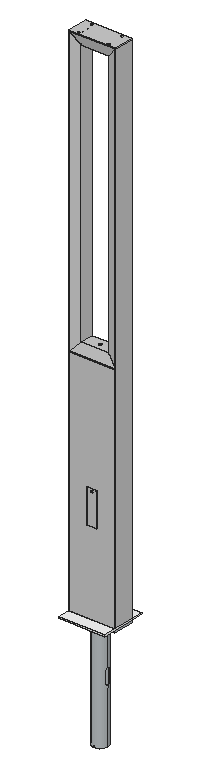
Revit family "BE_99075_de_DE", category Leuchten, Revit 2020 (continued)
Types (4, lengths in mm): name | built-in parameter 1150104 | built-in parameter 1150134 | Modell | M_G | M_A | built-in parameter 1150105 | Lumens | Leuchtenlichtstrom | Lampenlichtstrom | LED_Modulbezeichnung | built-in parameter 1150142 | Farbtemperatur | Datei für fotometrisches Netz | Bestellnummer | built-in parameter 1150106 | built-in parameter 1150107
  BEGA_99075_Grafit_K3 | 16.775 (stored number, unit not read) | (empty or 0) | "99075K3" | yes | no | 510.08 (stored number, unit not read) | 6409.88 lm | "3767 lm" | "6680 lm" | "LED-0315/830" | "IESNA:LM-63-1995\r\n[TEST] \r\n[MANUFAC] BEGA\r\n[MORE] Converted by LUMCat V \r\n[MORE] 07.12.2016 / H.R.\r\n[LUMCAT] \r\n[LUMINAIRE] 99075K3 0°\r\n[LAMPCAT] LED  35,5W\r\n[LAMPCAT] LED  35,5W    3615 lm,   42 W\r\n[LAMP] LED  35,5W\r\nTILT=NONE\r\n1    3615 1.0 73 19 1 2 0.100 0.220 0.000\r\n1.0 1.0 42\r\n   0.0   2.5   5.0   7.5  10.0  12.5  15.0  17.5  20.0  22.5  25.0  27.5  30.0\r\n  32.5  35.0  37.5  40.0  42.5  45.0  47.5  50.0  52.5  55.0  57.5  60.0  62.5\r\n  65.0  67.5  70.0  72.5  75.0  77.5  80.0  82.5  85.0  87.5  90.0  92.5  95.0\r\n  97.5 100.0 102.5 105.0 107.5 110.0 112.5 115.0 117.5 120.0 122.5 125.0 127.5\r\n 130.0 132.5 135.0 137.5 140.0 142.5 145.0 147.5 150.0 152.5 155.0 157.5 160.0\r\n 162.5 165.0 167.5 170.0 172.5 175.0 177.5 180.0\r\n   0.0   5.0  10.0  15.0  20.0  25.0  30.0  35.0  40.0  45.0  50.0  55.0  60.0\r\n  65.0  70.0  75.0  80.0  85.0  90.0\r\n       2.9       6.6     132.9     452.5     554.3     376.1     194.1      65.7\r\n      39.3      34.3      30.3      24.0      18.3      13.9      10.3       7.6\r\n       5.6       4.2       3.2       2.3       1.6       1.1       0.6       0.3\r\n       0.2       0.1       0.0       0.1       0.1       0.0       0.1       0.0\r\n       0.1       0.0       0.1       0.1       0.0       0.1       0.1       0.0\r\n       0.1       0.1       0.0       0.0       0.0       0.0       0.0       0.0\r\n       0.0       0.0       0.0       0.0       0.0       0.0       0.1       0.0\r\n       0.0       0.0       0.0       0.0       0.0       0.0       0.1       0.0\r\n       0.1       0.1       0.1       0.1       0.1       0.1       0.1       0.3\r\n       0.3\r\n       2.9       6.6     137.3     481.2     601.8     410.8     214.3      77.2\r\n      45.4      38.3      33.4      26.9      21.0      15.8      12.0       8.9\r\n       6.7       5.0       3.8       2.9       2.1       1.6       1.0       0.7\r\n       0.5       0.4       0.3       0.3       0.3       0.2       0.2       0.2\r\n       0.1       0.1       0.1       0.1       0.1       0.1       0.1       0.1\r\n       0.1       0.1       0.1       0.1       0.1       0.1       0.1       0.1\r\n       0.1       0.1       0.0       0.0       0.0       0.0       0.0       0.1\r\n       0.0       0.0       0.1       0.0       0.0       0.0       0.0       0.0\r\n       0.1       0.1       0.1       0.1       0.1       0.1       0.1       0.3\r\n       0.3\r\n       2.9       6.7     150.2     568.2     740.3     532.9     297.1     137.5\r\n      80.7      60.4      50.8      41.9      35.0      29.4      24.8      21.0\r\n      17.9      15.4      13.2      11.5      10.3       9.3       8.4       7.6\r\n       6.9       6.3       5.8       5.6       5.2       4.8       4.4       4.2\r\n       3.9       3.7       3.4       3.2       3.0       2.8       2.6       2.4\r\n       2.3       2.2       2.2       2.0       1.9       1.8       1.6       1.5\r\n       1.3       1.1       0.9       0.7       0.4       0.3       0.2       0.1\r\n       0.1       0.1       0.1       0.0       0.0       0.1       0.0       0.1\r\n       0.1       0.1       0.0       0.0       0.1       0.1       0.1       0.3\r\n       0.3\r\n       2.9       6.8     170.3     700.6     950.2     748.7     484.2     311.3\r\n     223.8     176.3     145.9     119.6      98.0      81.9      68.9      58.7\r\n      50.4      43.5      37.2      32.4      28.5      25.3      22.7      20.5\r\n      18.6      17.1      15.7      14.6      13.4      12.4      11.6      10.7\r\n       9.8       9.0       8.3       7.6       7.1       6.7       6.0       5.7\r\n       5.2       4.7       4.4       4.0       3.7       3.3       3.0       2.9\r\n       2.7       2.5       2.3       1.9       1.6       1.4       1.2       0.9\r\n       0.6       0.4       0.3       0.2       0.1       0.1       0.1       0.1\r\n       0.1       0.1       0.1       0.0       0.1       0.1       0.1       0.3\r\n       0.3\r\n       2.9       6.9     194.2     855.8    1211.6    1059.7     806.0     659.3\r\n     565.7     507.8     449.6     388.9     330.3     278.9     233.5     196.6\r\n     164.3     136.9     112.9      92.2      74.0      59.1      47.6      38.9\r\n      32.5      28.5      25.8      23.5      21.5      19.9      18.3      16.8\r\n      15.5      14.2      12.9      11.7      11.0      10.3       9.6       8.8\r\n       8.0       7.1       6.4       5.9       5.4       4.9       4.4       4.0\r\n       3.6       3.3       3.1       2.8       2.5       2.2       2.0       1.7\r\n       1.4       1.1       0.8       0.6       0.4       0.3       0.2       0.3\r\n       0.1       0.1       0.1       0.1       0.1       0.1       0.1       0.3\r\n       0.3\r\n       2.9       7.0     218.9    1021.6    1505.4    1410.8    1186.5    1056.9\r\n     957.4     880.3     798.6     714.5     629.9     551.0     477.8     412.1\r\n     353.6     300.8     253.0     210.2     171.2     136.3     106.6      82.0\r\n      62.6      48.5      38.6      31.9      28.2      25.4      23.1      21.0\r\n      19.3      17.3      15.9      14.4      13.5      12.4      11.6      10.5\r\n       9.6       8.9       8.0       7.4       6.7       6.0       5.5       5.1\r\n       4.6       4.2       3.9       3.5       3.1       2.8       2.5       2.1\r\n       2.0       1.7       1.4       1.1       0.8       0.7       0.5       0.5\r\n       0.4       0.4       0.3       0.2       0.1       0.1       0.2       0.3\r\n       0.3\r\n       2.9       7.0     243.0    1189.7    1793.5    1737.2    1553.6    1445.7\r\n    1356.1    1261.3    1156.7    1047.8     937.4     833.4     735.9     643.3\r\n     560.4     483.8     413.2     349.2     289.5     235.9     189.7     150.2\r\n     117.7      91.7      70.8      54.3      42.8      34.1      27.9      23.7\r\n      20.6      18.0      16.1      14.5      13.4      12.6      11.5      10.8\r\n       9.9       9.1       8.4       7.9       7.3       6.6       6.1       5.5\r\n       5.0       4.6       4.2       3.9       3.5       3.1       2.8       2.5\r\n       2.2       2.0       1.8       1.6       1.2       1.0       0.9       0.8\r\n       0.7       0.7       0.5       0.4       0.2       0.1       0.2       0.3\r\n       0.3\r\n       2.9       7.0     265.5    1344.6    2046.0    2024.4    1893.5    1800.0\r\n    1707.0    1600.8    1485.1    1363.3    1238.1    1113.9     992.2     874.4\r\n     767.5     668.0     577.3     495.2     420.8     353.3     294.7     243.5\r\n     199.4     162.9     131.4     104.5      82.3      64.5      50.1      38.9\r\n      30.0      22.8      18.0      14.6      12.9      11.7      10.8      10.0\r\n       9.4       8.8       8.2       7.6       7.2       6.6       6.2       5.7\r\n       5.2       4.7       4.4       4.1       3.7       3.3       3.0       2.8\r\n       2.6       2.1       2.0       1.8       1.6       1.3       1.1       1.0\r\n       0.9       0.9       0.8       0.6       0.3       0.2       0.2       0.3\r\n       0.3\r\n       2.9       6.8     284.6    1471.3    2256.5    2265.9    2183.2    2112.0\r\n    2030.4    1931.6    1813.8    1685.0    1549.2    1414.5    1283.5    1154.8\r\n    1028.6     908.7     792.7     685.9     586.1     499.4     425.7     359.0\r\n     302.1     253.5     211.0     173.7     141.6     113.8      89.9      68.6\r\n      50.5      35.5      23.6      15.7      11.9      11.0      10.1       9.4\r\n       8.9       8.4       7.9       7.2       6.7       6.3       6.0       5.5\r\n       5.1       4.7       4.4       4.0       3.7       3.4       3.1       2.8\r\n       2.6       2.3       2.1       1.9       1.7       1.5       1.3       1.3\r\n       1.1       1.1       1.0       0.9       0.5       0.3       0.2       0.3\r\n       0.3\r\n       2.9       6.7     297.9    1572.2    2422.3    2464.8    2410.3    2342.8\r\n    2259.1    2163.7    2061.4    1948.8    1831.5    1707.1    1577.3    1437.7\r\n    1295.2    1152.4    1010.6     880.0     761.1     656.2     561.6     480.3\r\n     408.6     346.2     290.9     242.5     199.4     161.1     126.5      97.3\r\n      70.8      48.2      29.8      17.4      11.8      10.4       9.4       8.7\r\n       8.1       7.8       7.5       6.8       6.3       6.1       5.6       5.4\r\n       5.0       4.7       4.3       3.9       3.8       3.5       3.1       2.8\r\n       2.5       2.3       2.2       2.0       1.7       1.5       1.4       1.4\r\n       1.3       1.3       1.2       1.1       0.7       0.3       0.2       0.3\r\n       0.3\r\n       2.9       6.5     303.7    1656.9    2546.9    2616.9    2575.7    2515.9\r\n    2442.6    2356.8    2256.2    2158.3    2051.9    1921.8    1779.5    1624.1\r\n    1465.8    1309.1    1160.3    1026.7     903.9     790.1     692.1     600.3\r\n     518.9     445.9     378.6     318.0     263.1     212.5     167.8     127.8\r\n      91.3      59.9      35.7      18.7      11.1       9.8       8.5       7.9\r\n       7.6       7.1       6.8       6.5       6.1       5.6       5.2       4.9\r\n       4.4       4.3       4.1       3.7       3.4       3.2       3.0       2.7\r\n       2.6       2.3       2.1       1.8       1.7       1.6       1.5       1.4\r\n       1.3       1.3       1.3       1.3       0.9       0.4       0.2       0.3\r\n       0.3\r\n       2.9       6.3     302.0    1723.3    2636.3    2716.9    2681.2    2635.3\r\n    2570.0    2498.8    2428.1    2337.4    2210.9    2060.6    1895.9    1729.8\r\n    1562.3    1402.7    1258.3    1127.2    1005.5     893.9     789.5     692.7\r\n     602.7     518.4     440.6     368.1     302.9     244.1     191.5     144.9\r\n     103.2      67.6      39.0      19.2      10.2       8.9       7.7       7.0\r\n       6.6       6.3       5.9       5.6       5.4       5.0       4.8       4.6\r\n       4.3       4.0       3.8       3.5       3.3       3.1       2.9       2.7\r\n       2.4       2.1       1.9       1.8       1.6       1.5       1.4       1.4\r\n       1.4       1.3       1.4       1.5       1.2       0.5       0.3       0.3\r\n       0.3\r\n       2.9       6.1     295.3    1765.5    2703.5    2777.7    2748.5    2702.0\r\n    2651.3    2596.9    2534.2    2430.1    2290.9    2132.1    1962.8    1791.7\r\n    1626.4    1475.6    1335.2    1199.8    1073.3     951.4     838.8     732.3\r\n     634.1     543.4     459.9     382.4     314.3     252.5     198.4     149.0\r\n     105.4      68.3      38.9      18.5       9.6       8.3       6.9       6.0\r\n       5.8       5.5       5.2       5.0       4.7       4.4       4.3       4.0\r\n       3.8       3.7       3.4       3.1       3.0       2.8       2.5       2.3\r\n       2.2       2.0       1.8       1.6       1.6       1.4       1.3       1.3\r\n       1.4       1.4       1.4       1.6       1.3       0.7       0.3       0.3\r\n       0.3\r\n       2.9       6.0     286.4    1785.2    2749.9    2819.8    2792.1    2753.9\r\n    2709.2    2674.4    2598.3    2469.8    2321.5    2154.0    1985.4    1817.2\r\n    1663.6    1516.5    1375.1    1239.7    1107.3     980.7     860.7     747.9\r\n     643.5     547.7     460.1     381.2     311.5     249.3     193.7     143.6\r\n     100.6      64.5      36.4      16.7       8.3       7.2       5.9       5.0\r\n       4.7       4.5       4.3       4.2       3.9       3.8       3.6       3.4\r\n       3.2       3.1       2.9       2.7       2.6       2.4       2.3       2.2\r\n       1.9       1.8       1.6       1.6       1.4       1.2       1.2       1.2\r\n       1.3       1.3       1.4       1.6       1.4       0.8       0.3       0.3\r\n       0.3\r\n       2.9       5.9     277.4    1793.4    2771.4    2839.2    2813.7    2777.7\r\n    2748.3    2715.8    2617.1    2482.6    2325.2    2154.2    1988.5    1826.9\r\n    1679.2    1531.0    1388.7    1246.4    1104.2     974.5     850.8     736.8\r\n     628.9     531.1     443.7     365.3     296.7     231.6     176.6     129.8\r\n      89.8      57.1      32.1      15.1       7.4       6.3       5.2       4.1\r\n       3.8       3.7       3.6       3.4       3.3       3.1       3.0       2.7\r\n       2.6       2.5       2.5       2.4       2.2       2.1       1.9       1.8\r\n       1.7       1.5       1.4       1.2       1.1       1.0       1.1       1.1\r\n       1.2       1.3       1.4       1.6       1.6       0.9       0.4       0.3\r\n       0.3\r\n       2.9       5.8     269.5    1799.4    2780.8    2843.5    2821.6    2793.7\r\n    2771.3    2732.6    2625.0    2480.6    2317.6    2150.9    1988.1    1834.7\r\n    1684.6    1536.6    1387.7    1238.5    1100.1     965.6     841.5     721.9\r\n     613.7     517.3     428.9     349.6     276.2     214.8     160.5     116.8\r\n      80.3      50.5      28.4      13.1       6.5       5.3       4.2       3.0\r\n       2.9       2.8       2.7       2.5       2.4       2.4       2.3       2.2\r\n       2.0       2.0       1.9       1.8       1.7       1.6       1.5       1.4\r\n       1.3       1.2       1.0       1.0       0.9       0.9       0.9       0.9\r\n       1.0       1.2       1.3       1.6       1.6       1.0       0.4       0.3\r\n       0.3\r\n       2.9       5.7     263.1    1802.3    2786.6    2845.3    2824.9    2802.0\r\n    2789.0    2744.0    2624.1    2477.0    2315.9    2147.5    1987.9    1836.7\r\n    1687.4    1536.8    1383.6    1235.1    1093.2     958.3     833.0     713.9\r\n     605.7     506.6     417.2     332.8     261.0     199.8     149.3     107.5\r\n      74.3      46.5      25.6      11.6       5.4       4.4       3.3       2.1\r\n       1.8       1.8       1.8       1.7       1.6       1.6       1.4       1.4\r\n       1.2       1.4       1.3       1.2       1.1       1.0       0.9       0.9\r\n       0.8       0.7       0.7       0.7       0.7       0.6       0.7       0.7\r\n       0.9       1.1       1.2       1.5       1.6       1.0       0.4       0.3\r\n       0.3\r\n       2.9       5.6     259.1    1801.3    2787.1    2844.8    2827.5    2805.5\r\n    2796.1    2740.6    2622.9    2472.7    2307.0    2141.5    1988.1    1835.9\r\n    1684.4    1533.6    1378.7    1228.3    1087.9     954.2     827.1     708.0\r\n     598.7     500.5     405.3     322.1     249.3     190.9     140.9     102.4\r\n      69.1      42.5      23.3      10.2       4.2       3.2       2.2       1.2\r\n       0.9       0.8       0.8       0.8       0.7       0.7       0.6       0.6\r\n       0.6       0.5       0.5       0.5       0.5       0.4       0.4       0.4\r\n       0.3       0.3       0.3       0.3       0.4       0.4       0.5       0.7\r\n       0.8       1.0       1.2       1.5       1.7       1.1       0.4       0.3\r\n       0.3\r\n       2.9       5.6     257.7    1800.9    2785.7    2841.4    2824.7    2803.7\r\n    2796.5    2741.2    2615.0    2466.7    2305.1    2138.2    1984.9    1835.5\r\n    1683.6    1527.9    1375.5    1237.6    1086.1     946.2     822.2     703.2\r\n     594.2     495.7     399.5     317.3     246.4     186.8     137.8      99.6\r\n      66.3      40.7      22.2       8.8       3.0       2.2       1.3       0.2\r\n       0.1       0.1       0.1       0.1       0.1       0.1       0.1       0.1\r\n       0.1       0.1       0.1       0.1       0.1       0.1       0.1       0.1\r\n       0.1       0.1       0.1       0.1       0.1       0.2       0.4       0.6\r\n       0.8       1.0       1.2       1.5       1.7       1.1       0.4       0.2\r\n       0.3\r\n" | "3000 K" | "BE_99075K3.IES" | "99075K3" | 5.1008 (stored number, unit not read) | 3000 (stored number, unit not read)
  BEGA_99075_Grafit_K4 | 17.168 (stored number, unit not read) | 12 | "99075K4" | yes | no | 522.03 (stored number, unit not read) | 6560.05 lm | "3875 lm" | "6870 lm" | "LED-0315/840" | "IESNA:LM-63-1995\r\n[TEST] \r\n[MANUFAC] BEGA\r\n[MORE] Converted by LUMCat V \r\n[MORE] 07.12.2016 / H.R.\r\n[LUMCAT] \r\n[LUMINAIRE] 99075 0°\r\n[LAMPCAT] LED  35,5W\r\n[LAMPCAT] LED  35,5W    3700 lm,   42 W\r\n[LAMP] LED  35,5W\r\nTILT=NONE\r\n1    3700 1.0 73 19 1 2 0.100 0.220 0.000\r\n1.0 1.0 42\r\n   0.0   2.5   5.0   7.5  10.0  12.5  15.0  17.5  20.0  22.5  25.0  27.5  30.0\r\n  32.5  35.0  37.5  40.0  42.5  45.0  47.5  50.0  52.5  55.0  57.5  60.0  62.5\r\n  65.0  67.5  70.0  72.5  75.0  77.5  80.0  82.5  85.0  87.5  90.0  92.5  95.0\r\n  97.5 100.0 102.5 105.0 107.5 110.0 112.5 115.0 117.5 120.0 122.5 125.0 127.5\r\n 130.0 132.5 135.0 137.5 140.0 142.5 145.0 147.5 150.0 152.5 155.0 157.5 160.0\r\n 162.5 165.0 167.5 170.0 172.5 175.0 177.5 180.0\r\n   0.0   5.0  10.0  15.0  20.0  25.0  30.0  35.0  40.0  45.0  50.0  55.0  60.0\r\n  65.0  70.0  75.0  80.0  85.0  90.0\r\n       3.0       6.7     136.0     463.2     567.3     384.9     198.6      67.3\r\n      40.3      35.1      31.0      24.6      18.7      14.2      10.5       7.8\r\n       5.8       4.3       3.3       2.4       1.7       1.1       0.6       0.3\r\n       0.2       0.1       0.0       0.1       0.1       0.0       0.1       0.0\r\n       0.1       0.0       0.1       0.1       0.0       0.1       0.1       0.0\r\n       0.1       0.1       0.0       0.0       0.0       0.0       0.0       0.0\r\n       0.0       0.0       0.0       0.0       0.0       0.0       0.1       0.0\r\n       0.0       0.0       0.0       0.0       0.0       0.0       0.1       0.0\r\n       0.1       0.1       0.1       0.1       0.1       0.1       0.1       0.3\r\n       0.3\r\n       3.0       6.8     140.5     492.5     615.9     420.5     219.4      79.0\r\n      46.5      39.2      34.2      27.6      21.5      16.2      12.2       9.1\r\n       6.8       5.1       3.9       2.9       2.1       1.6       1.0       0.7\r\n       0.5       0.4       0.3       0.3       0.3       0.2       0.2       0.2\r\n       0.1       0.1       0.1       0.1       0.1       0.1       0.1       0.1\r\n       0.1       0.1       0.1       0.1       0.1       0.1       0.1       0.1\r\n       0.1       0.1       0.0       0.0       0.0       0.0       0.0       0.1\r\n       0.0       0.0       0.1       0.0       0.0       0.0       0.0       0.0\r\n       0.1       0.1       0.1       0.1       0.1       0.1       0.1       0.3\r\n       0.3\r\n       3.0       6.8     153.8     581.6     757.7     545.4     304.1     140.7\r\n      82.5      61.8      52.0      42.9      35.8      30.1      25.4      21.5\r\n      18.3      15.8      13.5      11.8      10.5       9.5       8.6       7.7\r\n       7.1       6.4       6.0       5.7       5.3       4.9       4.6       4.3\r\n       4.0       3.7       3.5       3.3       3.1       2.9       2.7       2.5\r\n       2.4       2.3       2.2       2.0       2.0       1.9       1.6       1.5\r\n       1.3       1.1       0.9       0.7       0.4       0.3       0.2       0.1\r\n       0.1       0.1       0.1       0.0       0.0       0.1       0.0       0.1\r\n       0.1       0.1       0.0       0.0       0.1       0.1       0.1       0.3\r\n       0.3\r\n       3.0       7.0     174.3     717.1     972.5     766.3     495.5     318.6\r\n     229.1     180.4     149.3     122.4     100.3      83.8      70.6      60.1\r\n      51.6      44.5      38.1      33.1      29.1      25.9      23.2      20.9\r\n      19.1      17.5      16.1      14.9      13.7      12.7      11.8      11.0\r\n      10.0       9.2       8.5       7.8       7.3       6.8       6.2       5.9\r\n       5.4       4.8       4.5       4.1       3.7       3.4       3.1       3.0\r\n       2.8       2.5       2.4       2.0       1.7       1.4       1.3       0.9\r\n       0.6       0.4       0.3       0.2       0.1       0.1       0.1       0.1\r\n       0.1       0.1       0.1       0.0       0.1       0.1       0.1       0.3\r\n       0.3\r\n       3.0       7.1     198.8     875.9    1240.1    1084.6     824.9     674.8\r\n     579.0     519.7     460.1     398.1     338.1     285.5     239.0     201.2\r\n     168.2     140.1     115.6      94.4      75.7      60.5      48.7      39.8\r\n      33.3      29.2      26.4      24.1      22.0      20.4      18.7      17.2\r\n      15.9      14.5      13.2      12.0      11.2      10.5       9.8       9.0\r\n       8.1       7.3       6.5       6.0       5.5       5.0       4.6       4.1\r\n       3.7       3.4       3.1       2.8       2.6       2.3       2.0       1.7\r\n       1.4       1.1       0.9       0.6       0.4       0.3       0.2       0.3\r\n       0.1       0.1       0.1       0.1       0.1       0.1       0.1       0.3\r\n       0.3\r\n       3.0       7.2     224.1    1045.6    1540.8    1444.0    1214.4    1081.8\r\n     979.9     901.0     817.4     731.3     644.7     564.0     489.1     421.8\r\n     361.9     307.9     258.9     215.2     175.2     139.5     109.1      83.9\r\n      64.1      49.6      39.6      32.6      28.9      26.0      23.6      21.5\r\n      19.8      17.7      16.3      14.8      13.8      12.7      11.8      10.8\r\n       9.8       9.1       8.2       7.5       6.9       6.1       5.6       5.2\r\n       4.7       4.3       4.0       3.6       3.2       2.9       2.6       2.1\r\n       2.0       1.7       1.4       1.1       0.9       0.7       0.6       0.5\r\n       0.4       0.4       0.3       0.2       0.1       0.1       0.2       0.3\r\n       0.3\r\n       3.0       7.2     248.7    1217.6    1835.6    1778.0    1590.1    1479.7\r\n    1388.0    1291.0    1183.9    1072.5     959.4     853.0     753.2     658.5\r\n     573.6     495.2     422.9     357.4     296.3     241.5     194.1     153.7\r\n     120.5      93.9      72.4      55.6      43.8      34.9      28.6      24.2\r\n      21.1      18.5      16.4      14.9      13.8      12.9      11.8      11.1\r\n      10.2       9.4       8.6       8.1       7.4       6.8       6.3       5.6\r\n       5.1       4.7       4.3       4.0       3.6       3.2       2.8       2.6\r\n       2.3       2.0       1.9       1.6       1.2       1.0       0.9       0.8\r\n       0.7       0.7       0.5       0.4       0.2       0.1       0.2       0.3\r\n       0.3\r\n       3.0       7.1     271.7    1376.2    2094.1    2072.0    1938.1    1842.3\r\n    1747.1    1638.5    1520.0    1395.3    1267.2    1140.1    1015.6     895.0\r\n     785.5     683.7     590.9     506.9     430.7     361.6     301.7     249.2\r\n     204.1     166.7     134.5     106.9      84.2      66.0      51.3      39.8\r\n      30.7      23.4      18.4      14.9      13.2      12.0      11.1      10.3\r\n       9.7       9.0       8.4       7.8       7.3       6.8       6.4       5.9\r\n       5.3       4.8       4.5       4.2       3.7       3.3       3.1       2.8\r\n       2.6       2.2       2.1       1.8       1.6       1.3       1.1       1.1\r\n       0.9       1.0       0.8       0.6       0.3       0.2       0.2       0.3\r\n       0.3\r\n       3.0       7.0     291.3    1505.9    2309.6    2319.2    2234.6    2161.7\r\n    2078.1    1977.0    1856.4    1724.6    1585.6    1447.8    1313.6    1182.0\r\n    1052.8     930.1     811.3     702.1     599.8     511.2     435.7     367.5\r\n     309.2     259.4     215.9     177.8     144.9     116.4      92.1      70.3\r\n      51.7      36.4      24.2      16.0      12.2      11.3      10.4       9.7\r\n       9.1       8.5       8.1       7.4       6.9       6.4       6.1       5.6\r\n       5.2       4.8       4.5       4.1       3.8       3.4       3.1       2.8\r\n       2.6       2.4       2.1       1.9       1.7       1.6       1.3       1.3\r\n       1.1       1.1       1.1       0.9       0.5       0.3       0.2       0.3\r\n       0.3\r\n       3.0       6.8     305.0    1609.2    2479.3    2522.7    2466.9    2397.9\r\n    2312.2    2214.6    2109.9    1994.6    1874.5    1747.3    1614.4    1471.5\r\n    1325.7    1179.5    1034.3     900.7     779.0     671.6     574.8     491.6\r\n     418.2     354.3     297.7     248.2     204.1     164.9     129.5      99.6\r\n      72.5      49.3      30.5      17.8      12.1      10.7       9.6       8.9\r\n       8.3       8.0       7.7       7.0       6.5       6.3       5.7       5.5\r\n       5.1       4.8       4.4       4.0       3.8       3.6       3.2       2.9\r\n       2.6       2.4       2.3       2.0       1.8       1.6       1.5       1.4\r\n       1.4       1.3       1.3       1.1       0.7       0.3       0.2       0.3\r\n       0.3\r\n       3.0       6.6     310.8    1695.8    2606.8    2678.4    2636.2    2575.0\r\n    2500.0    2412.3    2309.2    2209.0    2100.1    1967.0    1821.4    1662.3\r\n    1500.3    1339.9    1187.6    1050.8     925.1     808.7     708.4     614.4\r\n     531.1     456.4     387.5     325.5     269.2     217.5     171.8     130.8\r\n      93.4      61.3      36.6      19.2      11.4      10.0       8.7       8.1\r\n       7.7       7.3       7.0       6.6       6.2       5.7       5.4       5.0\r\n       4.6       4.4       4.2       3.8       3.5       3.3       3.1       2.8\r\n       2.6       2.3       2.1       1.9       1.7       1.6       1.5       1.5\r\n       1.4       1.4       1.4       1.4       1.0       0.4       0.2       0.3\r\n       0.3\r\n       3.0       6.5     309.1    1763.8    2698.3    2780.8    2744.3    2697.2\r\n    2630.4    2557.5    2485.2    2392.4    2262.8    2109.1    1940.5    1770.5\r\n    1599.0    1435.7    1287.9    1153.7    1029.2     914.9     808.1     709.0\r\n     616.9     530.6     451.0     376.8     310.1     249.8     196.0     148.3\r\n     105.6      69.2      40.0      19.6      10.4       9.1       7.9       7.1\r\n       6.8       6.4       6.0       5.8       5.6       5.1       5.0       4.7\r\n       4.4       4.1       3.8       3.6       3.4       3.1       2.9       2.7\r\n       2.4       2.1       2.0       1.9       1.6       1.6       1.5       1.4\r\n       1.4       1.4       1.4       1.5       1.2       0.6       0.3       0.3\r\n       0.3\r\n       3.0       6.3     302.3    1807.0    2767.0    2843.0    2813.1    2765.5\r\n    2713.6    2658.0    2593.8    2487.2    2344.8    2182.2    2008.9    1833.9\r\n    1664.7    1510.3    1366.6    1228.0    1098.5     973.8     858.5     749.5\r\n     649.0     556.1     470.7     391.4     321.6     258.5     203.1     152.5\r\n     107.9      69.9      39.8      18.9       9.8       8.5       7.1       6.1\r\n       5.9       5.6       5.3       5.1       4.8       4.6       4.4       4.1\r\n       3.8       3.7       3.5       3.1       3.0       2.9       2.5       2.4\r\n       2.2       2.0       1.9       1.6       1.6       1.4       1.4       1.4\r\n       1.4       1.4       1.4       1.6       1.3       0.7       0.3       0.3\r\n       0.3\r\n       3.0       6.2     293.1    1827.2    2814.6    2886.1    2857.7    2818.7\r\n    2772.9    2737.3    2659.4    2527.8    2376.1    2204.6    2032.1    1859.9\r\n    1702.7    1552.2    1407.5    1268.8    1133.3    1003.8     880.9     765.5\r\n     658.7     560.6     470.9     390.1     318.9     255.2     198.2     147.0\r\n     102.9      66.0      37.2      17.1       8.5       7.4       6.0       5.1\r\n       4.8       4.6       4.4       4.3       4.0       3.9       3.7       3.4\r\n       3.3       3.1       3.0       2.8       2.6       2.4       2.4       2.2\r\n       2.0       1.8       1.7       1.6       1.4       1.2       1.2       1.2\r\n       1.3       1.3       1.4       1.6       1.5       0.8       0.3       0.3\r\n       0.3\r\n       3.0       6.0     283.9    1835.5    2836.6    2905.9    2879.8    2843.0\r\n    2812.9    2779.7    2678.7    2541.0    2379.9    2204.8    2035.3    1869.9\r\n    1718.7    1567.0    1421.3    1275.7    1130.2     997.4     870.8     754.2\r\n     643.7     543.6     454.2     373.8     303.7     237.0     180.8     132.9\r\n      91.9      58.5      32.9      15.5       7.6       6.4       5.3       4.2\r\n       3.9       3.8       3.7       3.5       3.4       3.1       3.1       2.8\r\n       2.7       2.6       2.6       2.4       2.3       2.1       2.0       1.8\r\n       1.8       1.6       1.4       1.2       1.1       1.1       1.1       1.1\r\n       1.2       1.3       1.4       1.6       1.6       0.9       0.4       0.3\r\n       0.3\r\n       3.0       5.9     275.8    1841.7    2846.2    2910.4    2887.9    2859.4\r\n    2836.5    2796.8    2686.8    2538.9    2372.1    2201.5    2034.8    1877.8\r\n    1724.2    1572.7    1420.3    1267.7    1126.0     988.3     861.3     738.9\r\n     628.1     529.4     439.0     357.8     282.7     219.9     164.2     119.5\r\n      82.2      51.7      29.0      13.4       6.6       5.4       4.3       3.1\r\n       3.0       2.9       2.8       2.6       2.4       2.4       2.3       2.3\r\n       2.1       2.0       1.9       1.8       1.7       1.6       1.6       1.4\r\n       1.3       1.2       1.1       1.0       1.0       0.9       0.9       0.9\r\n       1.1       1.3       1.4       1.6       1.6       1.0       0.4       0.3\r\n       0.3\r\n       3.0       5.8     269.3    1844.6    2852.1    2912.2    2891.4    2867.8\r\n    2854.6    2808.5    2685.8    2535.2    2370.4    2198.0    2034.6    1879.9\r\n    1727.1    1573.0    1416.1    1264.1    1118.9     980.8     852.6     730.7\r\n     619.9     518.5     427.1     340.6     267.2     204.5     152.8     110.0\r\n      76.1      47.6      26.2      11.8       5.6       4.5       3.4       2.1\r\n       1.8       1.9       1.9       1.7       1.6       1.6       1.5       1.4\r\n       1.3       1.4       1.3       1.2       1.1       1.1       1.0       0.9\r\n       0.9       0.7       0.7       0.7       0.7       0.6       0.7       0.7\r\n       0.9       1.1       1.2       1.5       1.7       1.1       0.4       0.3\r\n       0.3\r\n       3.0       5.8     265.1    1843.6    2852.6    2911.7    2894.0    2871.5\r\n    2861.9    2805.0    2684.5    2530.8    2361.3    2191.8    2034.9    1879.0\r\n    1724.1    1569.7    1411.1    1257.2    1113.4     976.7     846.6     724.7\r\n     612.8     512.2     414.8     329.7     255.2     195.4     144.2     104.9\r\n      70.7      43.5      23.9      10.4       4.3       3.3       2.2       1.2\r\n       0.9       0.8       0.8       0.8       0.7       0.7       0.6       0.6\r\n       0.6       0.6       0.5       0.5       0.5       0.4       0.4       0.4\r\n       0.3       0.3       0.3       0.3       0.4       0.4       0.5       0.7\r\n       0.8       1.0       1.2       1.5       1.7       1.1       0.4       0.3\r\n       0.3\r\n       3.0       5.7     263.7    1843.2    2851.2    2908.2    2891.1    2869.6\r\n    2862.3    2805.7    2676.5    2524.7    2359.3    2188.5    2031.5    1878.6\r\n    1723.2    1563.8    1407.9    1266.7    1111.6     968.4     841.5     719.7\r\n     608.1     507.3     408.9     324.7     252.2     191.2     141.1     102.0\r\n      67.9      41.7      22.7       9.0       3.1       2.3       1.3       0.2\r\n       0.1       0.1       0.1       0.1       0.1       0.1       0.1       0.1\r\n       0.1       0.1       0.1       0.1       0.1       0.1       0.1       0.1\r\n       0.1       0.1       0.1       0.1       0.1       0.2       0.4       0.6\r\n       0.8       1.0       1.2       1.5       1.7       1.1       0.4       0.2\r\n       0.3\r\n" | "4000 K" | "BE_99075K4.IES" | "99075K4" | 5.2203 (stored number, unit not read) | 4000 (stored number, unit not read)
